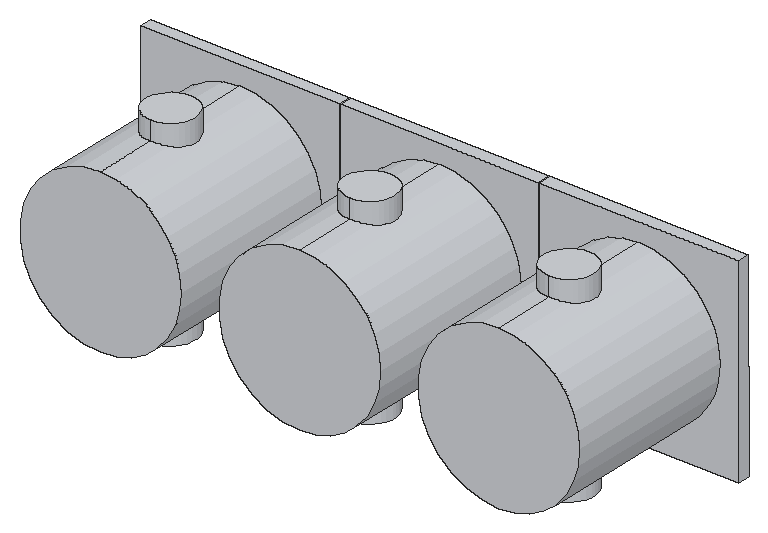
Revit family "EI_Steckdose_3fach_V1700", category Elektroinstallationen, Revit 2017
Family settings
  Beschriftungsausrichtung beibehalten = Nein
  Bemaßung runder Anschluss = Durchmesser verwenden
  Teiletyp = Normal
  OmniClass-Nummer = 23.80.50.11.17
  OmniClass-Titel = Ground Fault Receptacles
  Arbeitsebenenbasiert = Nein
  Immer vertikal = Ja
  Beim Laden mit Abzugskörper schneiden = Ja
  Gemeinsam genutzt = Nein
  Raumberechnungspunkt = Nein
Parameters (values of type "UFK")
  pbr_Material_KZ = ""
  pbr_Material = none
  pbr_E_Typ = ""
  pbr_E_KZ = ""
  pbr_DINBild = 0
  pbr_Bild = 0
  pbr_3Dx_Delta_Korrekturversatz [instance] = 0 mm
  pbr_3DX_Versatzfaktor [instance] = 0
  pbr_2DY_Versatzfaktor [instance] = 0
  pbr_2DX_Versatzfaktor [instance] = 0
  cpiFitMatchKey [instance] = "E-ST-3fach-1-UNT"
  Zentrale [instance] = ""
  Wirkleistung [instance] = 0 W
  UFK [instance] = yes
  Typ [instance] = ""
  Text3 [instance] = ""
  Text2 [instance] = ""
  Text1 [instance] = ""
  Steckdose 3-fach UFK = yes
  Steckdose 3-fach EDV UFK = no
  Steckdose 3-fach EDV BRK = no
  Steckdose 3-fach EDV = no
  Steckdose 3-fach BRK = no
  Steckdose 3-fach = no
  Spannung [instance] = 0
  Scheinleistung [instance] = 0 VA
  Schaltgruppe2 [instance] = 0
  Schaltgruppe1 [instance] = 0
  Polig [instance] = 1
  Planungsbüro Rohling = "www.pbr.de"
  Nennstrom [instance] = 0
  Menge(Dosenzahl) [instance] = 3
  Linie/Anschluss [instance] = ""
  Leistungsfaktor [instance] = 0
  Lastklassifizierung = none
  Installationsart [instance] = ""
  Info [instance] = ""
  Gleichzeitigkeitsfaktor3 [instance] = 0
  Gleichzeitigkeitsfaktor2 [instance] = 0
  Gleichzeitigkeitsfaktor1 [instance] = 0
  Gewerk [instance] = "Steck"
  Eckversatz [instance] = 0 mm
  YFrontversatz [instance] = if(pbr_2DY_Versatzfaktor = 300, 0 mm, pbr_2DY_Versatzfaktor * 300 mm)  # 0 mm
  XSeitenversatz [instance] = if(pbr_2DX_Versatzfaktor = 0, 3000 mm, 3000 mm + (pbr_2DX_Versatzfaktor * 300 mm)) + Eckversatz  # 3000 mm
  X3Dversatz [instance] = if([3DX_Versatzkontrolle] = 0, 2000 mm, 2000 mm + ([3DX_Versatzkontrolle] * (300 mm - 80 mm))) + pbr_3Dx_Delta_Korrekturversatz  # 2000 mm
  Steckdosenradius = 20 mm
  R_Leerrohranschluss = 10 mm
  Niveau [instance] = 300 mm
  Dosentiefe = 70 mm  # constant formula
  Dosenradius = 65 mm / 2  # 32.5 mm
  D_Leerrohranschluss = 2 * R_Leerrohranschluss  # 20 mm
  BRK [instance] = no
  Anlaufstrom [instance] = 0
  3DX_Versatzkontrolle [instance] = if(pbr_3DX_Versatzfaktor = 0, (pbr_2DX_Versatzfaktor * -1), (((-1 * pbr_3DX_Versatzfaktor) + pbr_2DX_Versatzfaktor) * -1))  # 0
  Platzierrahmen [instance] = no
Types (6, lengths in mm): name | UFK | Steckdose 3-fach UFK | Steckdose 3-fach EDV UFK | Steckdose 3-fach EDV BRK | Steckdose 3-fach EDV | Steckdose 3-fach BRK | Steckdose 3-fach | BRK
  allgemein | no | no | no | no | no | no | yes | no
  BRK | no | no | no | no | no | yes | no | yes
  EDV | no | no | no | no | yes | no | no | no
  EDV_BRK | no | no | no | yes | no | no | no | yes
  EDV_UFK | yes | no | yes | no | no | no | no | no
  UFK | yes | yes | no | no | no | no | no | no
Reference planes
  plane 1 "Mitte (Vorne/Hinten)": y = 0
  plane 2: z = 0
  plane 3 "Mitte (Links/Rechts)": x = 0
  plane 4: x = -125
  plane 5: x = 125
  plane 6: y = 299
  plane 7 "Schalterhinten": y = 0
  plane 8: x = -3000
  plane 9: x = 0
  plane 10: x = -2000
  plane 11: x = -40
  plane 12: x = 40
  plane 13: z = 340
  plane 14: z = 260
  plane 15 "SchalterVorne": y = 5
  plane 16 "3DSchalterMitte": x = 0
  plane 17: z = 300
  plane 18: y = -70
  plane 19: y = -35
  plane 20 "3DSchalterLinks": x = -80
  plane 21 "3DSchalterRechts": x = 80
  plane 22: y = 181.875
Forms (mm)
  Extrusion 1, solid
    sketch origin (0, 20, 0) x (0, 0, 1) y (-1, 0, 0)
      loop
        line (260, 40) -> (260, -40) -> (340, -40) -> (340, 40) -> (260, 40)
    from 15 to 20
  Sweep 2, solid
    path origin (0, 0, 0) x (0, 0, 1) y (0, -1, 0)
      loop
        line (300, 0) -> (300, 70)
    profile origin (0, -35, 300) x (0, 0, -1) y (1, 0, 0)
      loop
        circle (0, 0) r 32.5
  Sweep 3, solid
    path origin (0, 0, 0) x (0, 0, 1) y (0, -1, 0)
      loop
        line (260, 35) -> (340, 35)
    profile origin (0, -35, 300) x (0, -1, 0) y (1, 0, 0)
      loop
        circle (0, 0) r 10
  Sweep 4, void
    path origin (0, -35, 300) x (0, -1, 0) y (1, 0, 0)
      loop
        line (-35, 0) -> (-40, 0)
    profile origin (0, 2.5, 300) x (-1, 0, 0) y (0, 0, 1)
      loop
        circle (0, 0) r 20
  Extrusion 5, solid
    sketch origin (2100, 20, 0) x (0, 0, 1) y (-1, 0, 0)
      loop
        line (260, 2140) -> (340, 2140) -> (340, 2220) -> (260, 2220) -> (260, 2140)
    from 15 to 20
  Sweep 6, solid
    path origin (-80, 0, 0) x (0, 0, 1) y (0, -1, 0)
      loop
        line (300, 0) -> (300, 70)
    profile origin (-80, -35, 300) x (0, 0, -1) y (1, 0, 0)
      loop
        circle (0, 0) r 32.5
  Sweep 7, solid
    path origin (-80, 0, 0) x (0, 0, 1) y (0, -1, 0)
      loop
        line (260, 35) -> (340, 35)
    profile origin (-80, -35, 300) x (0, -1, 0) y (1, 0, 0)
      loop
        circle (0, 0) r 10
  Sweep 8, void
    path origin (0, -35, 300) x (0, -1, 0) y (1, 0, 0)
      loop
        line (-35, -80) -> (-40, -80)
    profile origin (-80, 2.5, 300) x (-1, 0, 0) y (0, 0, 1)
      loop
        circle (0, 0) r 20
  Extrusion 9, solid
    sketch origin (2260, 20, 0) x (0, 0, 1) y (-1, 0, 0)
      loop
        line (260, 2140) -> (340, 2140) -> (340, 2220) -> (260, 2220) -> (260, 2140)
    from 15 to 20
  Sweep 10, solid
    path origin (80, 0, 0) x (0, 0, 1) y (0, -1, 0)
      loop
        line (300, 0) -> (300, 70)
    profile origin (80, -35, 300) x (0, 0, -1) y (1, 0, 0)
      loop
        circle (0, 0) r 32.5
  Sweep 11, solid
    path origin (80, 0, 0) x (0, 0, 1) y (0, -1, 0)
      loop
        line (260, 35) -> (340, 35)
    profile origin (80, -35, 300) x (0, -1, 0) y (1, 0, 0)
      loop
        circle (0, 0) r 10
  Sweep 12, void
    path origin (0, -35, 300) x (0, -1, 0) y (1, 0, 0)
      loop
        line (-35, 80) -> (-40, 80)
    profile origin (80, 2.5, 300) x (-1, 0, 0) y (0, 0, 1)
      loop
        circle (0, 0) r 20
Cuts and joins
  Sweep 4, Sweep 8, Sweep 12 cuts Extrusion 1
  Sweep 8, Sweep 12 cuts Sweep 2
  Sweep 8, Sweep 12 cuts Sweep 3
  joined: Extrusion 1, Sweep 2, Sweep 3
  Sweep 8 cuts Extrusion 5
  Sweep 8 cuts Sweep 6
  joined: Extrusion 5, Sweep 6, Sweep 7
  Sweep 12 cuts Extrusion 9
  Sweep 12 cuts Sweep 10
  joined: Extrusion 9, Sweep 10, Sweep 11
Lines and regions (mm)
  model lines, visible <- "Platzierrahmen"
    curve 1: line (-125, 0, 0) -> (125, 0, 0)
    curve 2: line (-125, 299, 0) -> (-125, 0, 0)
    curve 3: line (125, 299, 0) -> (-125, 299, 0)
    curve 4: line (125, 0, 0) -> (125, 299, 0)
Dimensions and locks
  plane 4 to plane 5 = 250 mm
  plane 6 to plane 7 "Schalterhinten" = 299 mm
  equal spacing: plane 4, plane 9, plane 5, locked at 125 each
  "XSeitenversatz": plane 8 to plane 9
  plane 8 to plane 3 "Mitte (Links/Rechts)" = 3000 mm
  "YFrontversatz": plane 1 "Mitte (Vorne/Hinten)" to plane 7 "Schalterhinten"
  plane 13 to plane 14 = 80 mm
  plane 9 to plane 10 = 2000 mm
  equal spacing: plane 21 "3DSchalterRechts", plane 12, plane 16 "3DSchalterMitte", plane 11, plane 20 "3DSchalterLinks"
  "X3Dversatz": plane 16 "3DSchalterMitte" to plane 10
  equal spacing: plane 13, plane 17, plane 14
  "Niveau": plane 17 to level
  "Dosentiefe": plane 1 "Mitte (Vorne/Hinten)" to plane 18
  plane 15 "SchalterVorne" to plane 1 "Mitte (Vorne/Hinten)" = 5 mm
  equal spacing: plane 18, plane 19, plane 1 "Mitte (Vorne/Hinten)"
  plane 13 to Sweep 4 sketch curve = 40 mm
  plane 21 "3DSchalterRechts" to plane 20 "3DSchalterLinks" = 160 mm
  locked: plane 6 to plane 22 at 117.125
  "Dosenradius": radius of Sweep 2 sketch curve
  "R_Leerrohranschluss": radius of Sweep 3 sketch curve
  "Steckdosenradius": radius of Sweep 4 sketch curve
  "Dosenradius": radius of Sweep 6 sketch curve
  "R_Leerrohranschluss": radius of Sweep 7 sketch curve
  "Steckdosenradius": radius of Sweep 8 sketch curve
  "Dosenradius": radius of Sweep 10 sketch curve
  "R_Leerrohranschluss": radius of Sweep 11 sketch curve
  "Steckdosenradius": radius of Sweep 12 sketch curve
  aligned and locked: level to plane 2
  aligned and locked: curve 1 to plane 7 "Schalterhinten"
  aligned and locked: curve 3 to plane 6
  aligned and locked: plane 5 to curve 4
  aligned and locked: plane 14 to Extrusion 1 sketch curve
  aligned and locked: Extrusion 1 sketch curve to plane 11
  aligned and locked: Extrusion 1 sketch curve to plane 13
  aligned and locked: plane 12 to Extrusion 1 sketch curve
  aligned and locked: plane 1 "Mitte (Vorne/Hinten)" to Extrusion 1
  aligned and locked: Extrusion 1 to plane 15 "SchalterVorne"
  aligned and locked: plane 16 "3DSchalterMitte" to Sweep 4 sketch curve
  aligned and locked: Sweep 4 sketch curve to cut or joined group of Extrusion 1, Sweep 2, Sweep 3, Sweep 4, Sweep 8, Sweep 12
  aligned and locked: nested 1 to plane 9
  aligned and locked: nested 1 to plane 7 "Schalterhinten"
  aligned and locked: nested 2 to plane 9
  aligned and locked: nested 2 to plane 7 "Schalterhinten"
  aligned and locked: nested 3 to plane 9
  aligned and locked: nested 3 to plane 7 "Schalterhinten"
  aligned and locked: nested 4 to plane 9
  aligned and locked: nested 4 to plane 7 "Schalterhinten"
  aligned and locked: nested 5 to plane 9
  aligned and locked: nested 5 to plane 7 "Schalterhinten"
  aligned and locked: nested 6 to plane 9
  aligned and locked: nested 6 to plane 7 "Schalterhinten"
  aligned and locked: nested 8 to plane 22
  aligned and locked: nested 7 to plane 22
  aligned and locked: nested 8 to plane 9
  aligned and locked: nested 7 to plane 9
Automatic sketch dimensions
  Sweep 3 sketch curve to plane 14 = 0 mm
  plane 13 to Sweep 3 sketch curve = 0 mm
  Sweep 3 sketch curve to plane 19 = 0 mm
  Sweep 3 sketch curve to plane 16 "3DSchalterMitte" = 0 mm
  Sweep 3 sketch curve to profile plane = 0 mm
  Extrusion 5 sketch curve to plane 14 = 0 mm
  Extrusion 5 sketch curve to plane 11 = 0 mm
  Extrusion 5 sketch curve to plane 13 = 0 mm
  Extrusion 5 sketch curve to Extrusion 5 sketch curve = 80 mm
  profile plane to Sweep 7 sketch curve = 0 mm
  Sweep 7 sketch curve to profile plane = 0 mm
  Extrusion 9 sketch curve to plane 12 = 0 mm
  Extrusion 9 sketch curve to plane 14 = 0 mm
  Extrusion 9 sketch curve to plane 13 = 0 mm
  plane 12 to Extrusion 9 sketch curve = 80 mm
  profile plane to Sweep 11 sketch curve = 0 mm
  Sweep 11 sketch curve to profile plane = 0 mm
  Sweep 7 sketch curve to plane 14 = 0 mm
  plane 13 to Sweep 7 sketch curve = 0 mm
  Sweep 7 sketch curve to plane 19 = 0 mm
  Sweep 11 sketch curve to plane 14 = 0 mm
  plane 13 to Sweep 11 sketch curve = 0 mm
  Sweep 11 sketch curve to plane 19 = 0 mm
  Sweep 2 sketch curve to plane 17 = 0 mm
  Sweep 2 sketch curve to plane 1 "Mitte (Vorne/Hinten)" = 0 mm
  Sweep 2 sketch curve to plane 18 = 0 mm
  Sweep 2 sketch curve to plane 16 "3DSchalterMitte" = 0 mm
  Sweep 2 sketch curve to profile plane = 0 mm
  plane 1 "Mitte (Vorne/Hinten)" to Sweep 4 sketch curve = 0 mm
  Sweep 6 sketch curve to plane 17 = 0 mm
  Sweep 6 sketch curve to plane 1 "Mitte (Vorne/Hinten)" = 0 mm
  Sweep 6 sketch curve to plane 18 = 0 mm
  Sweep 6 sketch curve to profile plane = 0 mm  (x2)
  plane 15 "SchalterVorne" to Sweep 8 sketch curve = 0 mm
  plane 1 "Mitte (Vorne/Hinten)" to Sweep 8 sketch curve = 0 mm
  Sweep 8 sketch curve to plane 20 "3DSchalterLinks" = 0 mm
  Sweep 10 sketch curve to plane 17 = 0 mm
  Sweep 10 sketch curve to plane 1 "Mitte (Vorne/Hinten)" = 0 mm
  Sweep 10 sketch curve to plane 18 = 0 mm
  Sweep 10 sketch curve to profile plane = 0 mm  (x2)
  plane 15 "SchalterVorne" to Sweep 12 sketch curve = 0 mm
  plane 1 "Mitte (Vorne/Hinten)" to Sweep 12 sketch curve = 0 mm
  Sweep 12 sketch curve to plane 21 "3DSchalterRechts" = 0 mm
  curve 2 to plane 4 = 0 mm
  Sweep 4 sketch curve to profile plane = 0 mm
  Sweep 8 sketch curve to profile plane = 0 mm  (x2)
  Sweep 12 sketch curve to profile plane = 0 mm  (x2)
Nested families
  nested 1: "Steckdose 3-fach" at (0, 0, 0), visible <- "Steckdose 3-fach", type "Steckdose 3-fach"
  nested 2: "Steckdose 3-fach BRK" at (0, 0, 0), visible <- "Steckdose 3-fach BRK", type "Steckdose 3-fach BRK"
  nested 3: "Steckdose 3-fach EDV" at (0, 0, 0), visible <- "Steckdose 3-fach EDV", type "Steckdose 3-fach EDV"
  nested 4: "Steckdose 3-fach EDV BRK" at (0, 0, 0), visible <- "Steckdose 3-fach EDV BRK", type "Steckdose 3-fach EDV BRK"
  nested 5: "Steckdose 3-fach EDV UFK" at (0, 0, 0), visible <- "Steckdose 3-fach EDV UFK", type "Steckdose 3-fach EDV UFK"
  nested 6: "Steckdose 3-fach UFK" at (0, 0, 0), visible <- "Steckdose 3-fach UFK", type "Steckdose 3-fach UFK"
  nested 7: "BRK-zy" at (0, 181.875, 0), visible <- "BRK", type "BRK-zy"
  nested 8: "UFK" at (0, 181.875, 0), visible <- "UFK", type "UFK"
Connectors
  electrical at (0, -35, 340)
    settings: on cut or joined group of Extrusion 1, Sweep 2, Sweep 3, Sweep 4, Sweep 8, Sweep 12, index 1, voltage 230 V, apparent load 0 VA, apparent load phase1 200 VA, apparent load phase2 0 VA, apparent load phase3 0 VA, power factor 1, load classification "Steckdose", number of poles 1, system type 31, power factor state 1, is connector primary yes, connector utility no, sub classification motor no, connector description ""
  cabletrayconduit at (0, -35, 340), diameter 20, driven by "D_Leerrohranschluss"
    settings: on cut or joined group of Extrusion 1, Sweep 2, Sweep 3, Sweep 4, Sweep 8, Sweep 12, index 2, connector width 300 mm, connector height 300 mm, connector angle 0.00°, system type 32, placement type 0, profile type 0, connector reference index -1, is primary connector yes, connector utility param no, connector description ""
  cabletrayconduit at (0, -35, 260), diameter 20, driven by "D_Leerrohranschluss"
    settings: on cut or joined group of Extrusion 1, Sweep 2, Sweep 3, Sweep 4, Sweep 8, Sweep 12, index 3, connector width 300 mm, connector height 300 mm, connector angle 0.00°, system type 32, placement type 0, profile type 0, connector reference index -1, is primary connector no, connector utility param no, connector description ""
Definition of nested family "Steckdose 3-fach"
  Reference planes
    plane 1 "Mitte (Vorne/Hinten)": y = 0
    plane 2: z = 0
    plane 3 "Mitte (Links/Rechts)": x = 0
  Lines and regions (mm)
    detail lines, in view "Referenzebene"
      curve 1: arc (109.523, 300, 0) -> (217.523, 181.913, 0) -> (325.523, 300, 0) r 108.431
      curve 2: arc (-106.477, 300, 0) -> (1.523, 181.913, 0) -> (109.523, 300, 0) r 108.431
      curve 3: arc (-322.477, 300, 0) -> (-214.477, 181.913, 0) -> (-106.477, 300, 0) r 108.431
      curve 4: line (-322.477, 181.923, 0) -> (-106.477, 181.923, 0)
      curve 5: line (-106.477, 181.923, 0) -> (109.523, 181.923, 0)
      curve 6: line (109.523, 181.923, 0) -> (325.523, 181.923, 0)
      curve 7: line (0, 181.923, 0) -> (0, 0, 0)
Definition of nested family "Steckdose 3-fach BRK"
  Reference planes
    plane 1 "Mitte (Vorne/Hinten)": y = 0
    plane 2: z = 0
    plane 3 "Mitte (Links/Rechts)": x = 0
  Lines and regions (mm)
    detail lines, in view "Referenzebene"
      curve 1: arc (109.523, 300, 0) -> (217.523, 181.913, 0) -> (325.523, 300, 0) r 108.431
      curve 2: arc (-106.477, 300, 0) -> (1.523, 181.913, 0) -> (109.523, 300, 0) r 108.431
      curve 3: arc (-322.477, 300, 0) -> (-214.477, 181.913, 0) -> (-106.477, 300, 0) r 108.431
      curve 4: line (-322.477, 181.923, 0) -> (-106.477, 181.923, 0)
      curve 5: line (-106.477, 181.923, 0) -> (109.523, 181.923, 0)
      curve 6: line (109.523, 181.923, 0) -> (325.523, 181.923, 0)
      curve 7: line (0, 181.923, 0) -> (0, 0, 0)
Definition of nested family "Steckdose 3-fach EDV"
  Reference planes
    plane 1 "Mitte (Vorne/Hinten)": y = 0
    plane 2: z = 0
    plane 3 "Mitte (Links/Rechts)": x = 0
  Lines and regions (mm)
    Filled region 1, type "Flächenfüllung Schwarz", in view "Referenzebene"
      outline origin (0, 0, 0) x (1, 0, 0) y (0, 1, 0)
        loop
          circle (-215, 231.904) r 40.021
        loop
          circle (0, 236.904) r 40.018
        loop
          circle (215, 231.904) r 40.021
    detail lines, in view "Referenzebene"
      curve 1: arc (109.523, 300, 0) -> (217.523, 181.913, 0) -> (325.523, 300, 0) r 108.431
      curve 2: arc (-106.477, 300, 0) -> (1.523, 181.913, 0) -> (109.523, 300, 0) r 108.431
      curve 3: arc (-322.477, 300, 0) -> (-214.477, 181.913, 0) -> (-106.477, 300, 0) r 108.431
      curve 4: line (-322.477, 181.923, 0) -> (-106.477, 181.923, 0)
      curve 5: line (-106.477, 181.923, 0) -> (109.523, 181.923, 0)
      curve 6: line (109.523, 181.923, 0) -> (325.523, 181.923, 0)
      curve 7: line (0, 181.923, 0) -> (0, 0, 0)
Definition of nested family "Steckdose 3-fach EDV BRK"
  Parameters (values of type "Steckdose 3-fach EDV BRK")
    BRK = yes
  Reference planes
    plane 1 "Mitte (Vorne/Hinten)": y = 0
    plane 2: z = 0
    plane 3 "Mitte (Links/Rechts)": x = 0
  Lines and regions (mm)
    Filled region 1, type "Flächenfüllung Schwarz", in view "Referenzebene"
      outline origin (0, 0, 0) x (1, 0, 0) y (0, 1, 0)
        loop
          circle (-215, 231.904) r 40.027
        loop
          circle (0, 236.137) r 40.681
        loop
          circle (215, 231.904) r 40.031
    detail lines, in view "Referenzebene"
      curve 1: arc (109.523, 300, 0) -> (217.523, 181.913, 0) -> (325.523, 300, 0) r 108.431
      curve 2: arc (-106.477, 300, 0) -> (1.523, 181.913, 0) -> (109.523, 300, 0) r 108.431
      curve 3: arc (-322.477, 300, 0) -> (-214.477, 181.913, 0) -> (-106.477, 300, 0) r 108.431
      curve 4: line (-322.477, 181.923, 0) -> (-106.477, 181.923, 0)
      curve 5: line (-106.477, 181.923, 0) -> (109.523, 181.923, 0)
      curve 6: line (109.523, 181.923, 0) -> (325.523, 181.923, 0)
      curve 7: line (0, 181.923, 0) -> (0, 0, 0)
Definition of nested family "Steckdose 3-fach EDV UFK"
  Reference planes
    plane 1 "Mitte (Vorne/Hinten)": y = 0
    plane 2: z = 0
    plane 3 "Mitte (Links/Rechts)": x = 0
  Lines and regions (mm)
    Filled region 1, type "Flächenfüllung Schwarz", in view "Referenzebene"
      outline origin (0, 0, 0) x (1, 0, 0) y (0, 1, 0)
        loop
          circle (-215, 231.904) r 40.023
        loop
          circle (0, 236.904) r 40.025
        loop
          circle (215, 231.904) r 40.027
    detail lines, in view "Referenzebene"
      curve 1: arc (109.523, 300, 0) -> (217.523, 181.913, 0) -> (325.523, 300, 0) r 108.431
      curve 2: arc (-106.477, 300, 0) -> (1.523, 181.913, 0) -> (109.523, 300, 0) r 108.431
      curve 3: arc (-322.477, 300, 0) -> (-214.477, 181.913, 0) -> (-106.477, 300, 0) r 108.431
      curve 4: line (-322.477, 181.923, 0) -> (-106.477, 181.923, 0)
      curve 5: line (-106.477, 181.923, 0) -> (109.523, 181.923, 0)
      curve 6: line (109.523, 181.923, 0) -> (325.523, 181.923, 0)
      curve 7: line (0, 181.923, 0) -> (0, 0, 0)
Definition of nested family "Steckdose 3-fach UFK"
  Reference planes
    plane 1 "Mitte (Vorne/Hinten)": y = 0
    plane 2: z = 0
    plane 3 "Mitte (Links/Rechts)": x = 0
  Lines and regions (mm)
    detail lines, in view "Referenzebene"
      curve 1: arc (109.523, 300, 0) -> (217.523, 181.913, 0) -> (325.523, 300, 0) r 108.431
      curve 2: arc (-106.477, 300, 0) -> (1.523, 181.913, 0) -> (109.523, 300, 0) r 108.431
      curve 3: arc (-322.477, 300, 0) -> (-214.477, 181.913, 0) -> (-106.477, 300, 0) r 108.431
      curve 4: line (-322.477, 181.923, 0) -> (-106.477, 181.923, 0)
      curve 5: line (-106.477, 181.923, 0) -> (109.523, 181.923, 0)
      curve 6: line (109.523, 181.923, 0) -> (325.523, 181.923, 0)
      curve 7: line (0, 181.923, 0) -> (0, 0, 0)
Definition of nested family "BRK-zy"
  Reference planes
    plane 1 "Mitte (Vorne/Hinten)": y = 0
    plane 2: z = 0
    plane 3 "Mitte (Links/Rechts)": x = 0
  Lines and regions (mm)
    Filled region 1, type "Beton", in view "Referenzebene"
      outline origin (539.15, -158.575, 0) x (1, 0, 0) y (0, 1, 0)
        loop
          line (-638.04, 266.989) -> (-679.15, 266.989) -> (-679.15, 158.574) -> (-636.316, 158.574)
          spline (-636.316, 158.574) -> (-626.443, 159.267) -> (-617.971, 161.014) -> (-610.613, 164.279) -> (-606.012, 167.95) -> (-602.271, 172.689) -> (-599.32, 178.439) -> (-597.676, 185.155) -> (-597.459, 192.969) -> (-599.449, 201.042) -> (-604.127, 208.289) -> (-610.999, 213.484) -> (-617.681, 216.267)
          line (-617.681, 216.267) -> (-615.846, 217.243)
          spline (-615.846, 217.243) -> (-609.205, 222.214) -> (-605.4, 227.651) -> (-603.344, 233.155) -> (-602.636, 238.364) -> (-602.9, 243.186) -> (-603.939, 247.729) -> (-606.044, 252.309) -> (-609.139, 256.732) -> (-612.692, 260.237) -> (-617.076, 263.006) -> (-623.895, 265.483) -> (-638.04, 266.989)
        loop
          spline (-639.726, 221.457) -> (-630.222, 222.068) -> (-624.194, 223.986) -> (-620.343, 226.832) -> (-617.917, 230.087) -> (-616.735, 234.29) -> (-616.741, 239.406) -> (-617.907, 244.45) -> (-620.283, 248.699) -> (-623.991, 251.689) -> (-629.277, 253.374) -> (-636.36, 254.063) -> (-642.321, 254.177)
          line (-642.321, 254.177) -> (-664.789, 254.177) -> (-664.789, 221.457) -> (-639.726, 221.457)
        loop
          line (-638.674, 208.641) -> (-664.895, 208.641) -> (-664.895, 170.848) -> (-637.406, 170.848)
          spline (-637.406, 170.848) -> (-627.776, 171.794) -> (-621.65, 173.798) -> (-617.559, 176.472) -> (-614.522, 180.469) -> (-612.377, 185.516) -> (-612.088, 190.343) -> (-612.596, 194.957) -> (-614.808, 200.028) -> (-618.382, 204.115) -> (-622.557, 206.293) -> (-628.787, 207.83) -> (-638.674, 208.641)
        loop
          line (-529.551, 266.973) -> (-578.398, 266.973) -> (-578.398, 158.608) -> (-564.066, 158.608) -> (-564.066, 206.696) -> (-546.23, 206.696)
          spline (-546.23, 206.696) -> (-542.191, 206.527) -> (-539.274, 206.111) -> (-537.247, 205.585) -> (-535.877, 205.087) -> (-534.938, 204.695) -> (-534.214, 204.325) -> (-533.493, 203.862) -> (-532.563, 203.192) -> (-531.264, 202.178) -> (-529.555, 200.626) -> (-527.414, 198.338) -> (-524.816, 195.112)
          line (-524.816, 195.112) -> (-500.934, 158.577) -> (-482.891, 158.577) -> (-503.364, 190.735)
          spline (-503.364, 190.735) -> (-505.698, 193.612) -> (-507.539, 195.86) -> (-508.99, 197.598) -> (-510.154, 198.947) -> (-511.136, 200.025) -> (-512.039, 200.952) -> (-512.967, 201.843) -> (-514.039, 202.771) -> (-515.38, 203.79) -> (-517.113, 204.948) -> (-519.363, 206.298) -> (-522.255, 207.89)
          line (-522.255, 207.89) -> (-517.893, 208.581)
          spline (-517.893, 208.581) -> (-507.849, 211.731) -> (-500.623, 216.482) -> (-495.789, 222.528) -> (-492.986, 229.331) -> (-491.884, 236.223) -> (-492.205, 242.682) -> (-493.829, 248.65) -> (-496.671, 254.157) -> (-500.736, 259.042) -> (-506.15, 262.907) -> (-514.311, 265.505) -> (-529.551, 266.973)
        loop
          line (-529.897, 255.069) -> (-564.066, 255.069) -> (-564.066, 219.325) -> (-529.066, 219.325)
          spline (-529.066, 219.325) -> (-520.275, 220.284) -> (-515.034, 222.484) -> (-511.481, 225.117) -> (-509.013, 228.173) -> (-507.352, 231.791) -> (-506.482, 235.802) -> (-506.506, 239.893) -> (-507.557, 243.86) -> (-509.811, 247.662) -> (-513.523, 251.217) -> (-519.726, 253.966) -> (-529.897, 255.069)
        loop
          line (-456.682, 267.004) -> (-471.06, 267.004) -> (-471.06, 158.59) -> (-456.682, 158.59) -> (-456.682, 196.142) -> (-438.905, 213.442) -> (-400.297, 158.575) -> (-381.383, 158.575) -> (-428.872, 223.042) -> (-383.36, 266.992) -> (-402.775, 266.992) -> (-456.682, 213.085) -> (-456.682, 267.004)
    detail lines, in view "Referenzebene"
      curve 1: line (-24.916, 96.493, 0) -> (-24.916, 60.749, 0)
Definition of nested family "UFK"
  Reference planes
    plane 1 "Mitte (Vorne/Hinten)": y = 0
    plane 2: z = 0
    plane 3 "Mitte (Links/Rechts)": x = 0
  Lines and regions (mm)
    Filled region 1, type "Beton", in view "Referenzebene"
      outline origin (439.043, -708.358, 0) x (1, 0, 0) y (0, 1, 0)
        loop
          line (-479.713, 828.704) -> (-479.713, 708.358) -> (-464.043, 708.358) -> (-464.043, 764.158) -> (-408.58, 764.158) -> (-408.58, 778.049) -> (-464.043, 778.049) -> (-464.043, 814.747) -> (-399.9, 814.747) -> (-399.9, 828.704) -> (-479.713, 828.704)
        loop
          line (-366.002, 828.704) -> (-384.463, 828.704) -> (-384.463, 708.358) -> (-366.002, 708.358) -> (-366.002, 751.381) -> (-346.514, 770.2) -> (-303.212, 708.358) -> (-283.212, 708.358) -> (-335.573, 780.766) -> (-285.932, 828.704) -> (-307.073, 828.704) -> (-366.002, 769.775) -> (-366.002, 828.704)
        loop
          line (-582.609, 828.704) -> (-598.269, 828.704) -> (-598.269, 764.158)
          spline (-598.269, 764.158) -> (-595.279, 734.887) -> (-587.263, 721.01) -> (-579.125, 714.285) -> (-570.883, 710.856) -> (-560.782, 708.909) -> (-549.303, 708.266) -> (-537.956, 709.506) -> (-527.694, 712.819) -> (-519.135, 718.227) -> (-512.38, 726.139) -> (-507.336, 738.101) -> (-505.239, 762.397)
          line (-505.239, 762.397) -> (-505.239, 828.704) -> (-520.239, 828.704) -> (-520.239, 768.704)
          spline (-520.239, 768.704) -> (-523.252, 739.877) -> (-529.81, 728.792) -> (-536.358, 725.028) -> (-542.513, 723.17) -> (-550.315, 722.421) -> (-558.636, 722.79) -> (-565.777, 724.492) -> (-572.051, 727.597) -> (-577.438, 732.766) -> (-580.996, 741.573) -> (-582.394, 755.323) -> (-582.609, 774.672)
          line (-582.609, 774.672) -> (-582.609, 828.704)
    detail lines, in view "Referenzebene"
      curve 1: line (-25, 106.389, 0) -> (-25, 69.691, 0)
